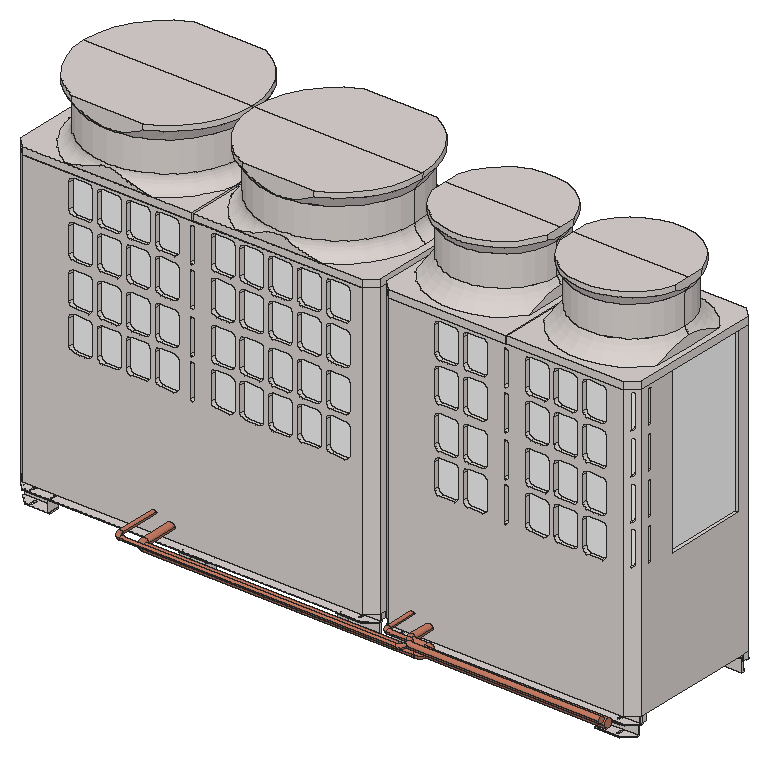
Revit family "PURY-EP950YSNW-A1", category 機械設備, Revit 2016
Family settings
  パーツ タイプ = 標準
  丸型コネクタ寸法 = 半径を使用
  OmniClass 番号 = 23.75.00.00
  OmniClass タイトル = Climate Control (HVAC)
  作業面に基づく = いいえ
  常に垂直 = はい
  ロード時にボイドで切り取り = いいえ
  共有 = いいえ
  部屋の計算ポイント = いいえ
Parameters (values of type "PURY-EP950YSNW-A1_415V_60Hz")
  WarrantyStart = ""
  Temp. range of cooling (Outdoor temp.) (D.B.) = "-5.0 to 52.0"
  Temp. range of cooling (Indoor temp.) (W.B.) = "15.0 to 24.0"
  TagNumber = 0
  SerialNumber = 0
  ReplacementYear = ""
  Outdoor unit 2 Breaker size (A) = 60
  Outdoor unit 1 Breaker size (A) = 60
  Note_1 = "Refrigerant pipe diameters may change depending on the installation condition. Please refer to the installation manual."
  モデル = "PURY-EP950YSNW-A1"
  Width = 3020.000 mm
  Voltage = 415 V
  Unit Weight (kg) = 647
  URL = "http://www.mitsubishielectric.com/"
  Temp. range of heating (Outdoor temp.) (W.B.) = "-20.0 to 15.5"
  Temp. range of heating (Indoor temp.) (D.B.) = "15.0 to 27.0"
  Subcategory = "HVAC"
  Space View = yes
  Sound Pressure Level (dB(A)) Heating mode = 71.5
  Sound Pressure Level (dB(A)) Cooling mode = 68
  Refrigerant type = "R410A"
  Refrigerant Charge (kg) = 21.6
  Protection Devices_Inverter circuit (COMP./FAN) = "Over-current protection"
  Protection Devices_High pressure (MPa) = "High pressure sensor, High pressure switch at 4.15"
  Phase = 3
  製造元 = "Mitsubishi Electric Corporation"
  Outdoor unit 2 = PURY-EP450YNW-A1 : PURY-EP450YNW-A1
  Outdoor unit 1 = PURY-EP500YNW-A1 : PURY-EP500YNW-A1
  Maximum Circuit Ampacity (A) = 74.9
  Low pressure pipe_radius = 20.640 mm
  InstallationDate = "0"
  Indoor Unit Total Capacity = "50 to 150% of outdoor unit capacity"
  Indoor Unit Model/Quantity = "P10 to P250/2 to 50"
  High pressure pipe_radius = 14.290 mm
  Hertz = 60 Hz
  Height = 1858.000 mm
  Heating SCOP (kW/kW) = 3.97
  Heating Rated Load Ampacity (A) = 51
  Heating Power Input (kW) = 33.01
  Heating Power Input (Nominal) (kW) = 27.83
  Heating Current Input (Nominal) (A) = 43
  Heating Current Input (A) = 51
  Heating Capacity (kW) = 119.5
  Heating Capacity (Nominal) (kW) = 108
  Heating COP (kW/kW) = 3.62
  Heating COP (Nominal) (kW/kW) = 3.88
  Fan_Type = "Propeller Fan"
  Fan_Quantity = 4
  Fan Motor Output (kW) = 2.76
  External static pressure (Pa) = 0
  External Finish = "Pre-coated galvanized steel sheets (+powder coating for -BS type) <MUNSELL 5Y 8/1 or similar>"
  Equip_description = "0"
  Equip_No. = 0
  Equip_ID = "0"
  Description = "0"
  Depth = 740.000 mm
  CreatedOn = "0"
  CreatedBy = "0"
  Cooling SEER (kW/kW) = 6.46
  Cooling Rated Load Ampacity (A) = 51.3
  Cooling Power Input (kW) = 33.23
  Cooling EER (kW/kW) = 3.25
  Cooling Current Input (A) = 51.3
  Cooling Capacity (kW) = 108
  Compressor_Type = "Inverter scroll hermetic compressor"
  Compressor_Quantity = 2
  Compressor_Lubricant = "MEL32"
  Compressor Motor Output (kW) = 25.5
  Category = "0"
  Barcode = "0"
  AssetIdentifier = "0"
  Airflow Rate (m3/min) = 610
  Airflow Rate (m3/h) = 36600
Reference planes
  plane 1 "Center (Front/Back)": y = 0
  plane 2: z = 0
  plane 3 "Center (Left/Right)": x = -255
  plane 4: y = 370
  plane 5 "front": y = -370
  plane 6: x = -1765
  plane 7: x = 1255
  plane 8: x = 15
  plane 9: x = -15
  plane 10: z = 1858
  plane 11: x = -997
  plane 12: x = -1080
  plane 13: x = 258
  plane 14: x = 175
Forms (mm)
  Sweep 1, solid, material "Copper"
    path origin (1017.215, -4.248, 187) x (0, -1, 0) y (1, 0, 0)
      loop
        line (360, -2097.215) -> (570, -2097.215)
        arc (570, -2097.215) -> (591.213, -2088.428) -> (600, -2067.215) r 30
        line (600, -2067.215) -> (600, -726.221)
        arc (600, -726.221) -> (594.142, -712.079) -> (580, -706.221) r 20
        line (580, -706.221) -> (552.385, -706.221)
        arc (552.385, -706.221) -> (538.243, -712.079) -> (532.385, -726.221) r 20
        line (532.385, -726.221) -> (532.385, -822.215)
        arc (532.385, -822.215) -> (526.527, -836.357) -> (512.385, -842.215) r 20
        line (512.385, -842.215) -> (357.385, -842.215)
    profile origin (-1080, -469.248, 187) x (1, 0, 0) y (0, 0, 1)
      loop
        circle (0, 0) r 9.525
  Sweep 2, solid, material "Copper"
    path origin (1039.386, -4.248, 155) x (0, -1, 0) y (1, 0, 0)
      loop
        line (360, -2036.386) -> (525, -2036.386)
        arc (525, -2036.386) -> (546.213, -2027.6) -> (555, -2006.386) r 30
        line (555, -2006.386) -> (555, -775.386) -> (555, -690.386)
        arc (555, -690.386) -> (549.142, -676.244) -> (535, -670.386) r 20
        line (535, -670.386) -> (510, -670.386)
        arc (510, -670.386) -> (495.858, -676.244) -> (490, -690.386) r 20
        line (490, -690.386) -> (490, -761.386)
        arc (490, -761.386) -> (484.142, -775.529) -> (470, -781.386) r 20
        line (470, -781.386) -> (360, -781.386)
    profile origin (-997, -446.748, 155) x (1, 0, 0) y (0, 0, 1)
      loop
        circle (0, 0) r 17.465
  Sweep 3, solid, material "Copper"
    path origin (934.386, -4.248, 187) x (0, -1, 0) y (1, 0, 0)
      loop
        line (565.96, -620) -> (565.96, 320.614)
    profile origin (784.693, -570.208, 187) x (0, 1, 0) y (0, 0, 1)
      loop
        circle (0, 0) r 14.29
  Sweep 4, solid, material "Copper"
    path origin (934.386, -4.248, 155.027) x (-1, 0, 0) y (0, -1, 0)
      loop
        line (555, 523.84) -> (-320, 523.84)
    profile origin (816.886, -528.088, 155.027) x (0, 1, 0) y (0, 0, 1)
      loop
        circle (0, 0) r 20.64
Dimensions and locks
  nested 1 to nested 1 = 1240.000 mm
  plane 6 to plane 3 "Center (Left/Right)" to plane 7 = 1510.000 mm, 1510.000 mm
  plane 6 to plane 9 to plane 8 = 1750.000 mm, 30.000 mm
  "High pressure pipe_radius": radius of Sweep 3 sketch curve
  "Low pressure pipe_radius": radius of Sweep 4 sketch curve
  aligned and locked: level to plane 2
Automatic sketch dimensions
  Sweep 1 sketch curve to plane 5 "front" = 8.366 mm
  Sweep 1 sketch curve to plane 5 "front" = 5.752 mm
  plane 5 "front" to Sweep 1 sketch curve = 146.634 mm
  Sweep 1 sketch curve to Sweep 1 sketch curve = 20.000 mm  (x2)
  plane 5 "front" to Sweep 1 sketch curve = 204.248 mm
  Sweep 1 sketch curve to Sweep 1 sketch curve = 27.615 mm
  Sweep 1 sketch curve to Sweep 1 sketch curve = 30.000 mm
  plane 6 to Sweep 1 sketch curve = 685.000 mm
  plane 3 "Center (Left/Right)" to Sweep 1 sketch curve = 430.000 mm
  Sweep 1 sketch curve to Sweep 1 sketch curve = 95.994 mm
  profile plane to Sweep 1 sketch curve = 0.000 mm
  Sweep 1 sketch curve to profile plane = 0.000 mm
  Sweep 2 sketch curve to plane 5 "front" = 5.752 mm  (x2)
  plane 5 "front" to Sweep 2 sketch curve = 104.248 mm
  Sweep 2 sketch curve to Sweep 2 sketch curve = 20.000 mm  (x3)
  plane 5 "front" to Sweep 2 sketch curve = 159.248 mm
  Sweep 2 sketch curve to Sweep 2 sketch curve = 25.000 mm
  plane 6 to Sweep 2 sketch curve = 768.000 mm
  plane 3 "Center (Left/Right)" to Sweep 2 sketch curve = 519.000 mm
  Sweep 2 sketch curve to Sweep 2 sketch curve = 6.000 mm
  Sweep 2 sketch curve to Sweep 2 sketch curve = 71.000 mm
  profile plane to Sweep 2 sketch curve = 0.000 mm
  Sweep 2 sketch curve to profile plane = 0.000 mm
  Sweep 3 sketch curve to plane 7 = 0.000 mm
  plane 5 "front" to Sweep 3 sketch curve = 200.208 mm
  plane 8 to Sweep 3 sketch curve = 299.386 mm
  Sweep 4 sketch curve to plane 7 = 0.614 mm
  plane 13 to Sweep 4 sketch curve = 121.386 mm
  plane 5 "front" to Sweep 4 sketch curve = 158.088 mm
  Sweep 3 sketch curve to profile plane = 0.000 mm  (x2)
  Sweep 4 sketch curve to profile plane = 0.000 mm  (x2)
  radius of Sweep 1 sketch curve = 9.525 mm
  radius of Sweep 2 sketch curve = 17.465 mm
Nested families
  nested 1: "PURY-EP450YNW-A1" at (635, 0, 0), type <- "Outdoor unit 2", type "PURY-EP450YNW-A1"
  nested 2: "PURY-EP500YNW-A1" at (-890, 0, 0), type <- "Outdoor unit 1", type "PURY-EP500YNW-A1"
Connectors
  piping at (1254.386, -528.088, 155.027), diameter 41.28, driven by "Low pressure pipe_radius"
    settings: on Sweep 4, index 1, connector inside diameter 41.28 mm, connector length 0.000 mm, flow factor 0, pipe flow 0.0 L/s, pressure drop 0.0 Pa, fitting loss kfactor 0, connector angle 0.00°, fixture units 0, engagement length 0.000 mm, angle of deflection 0.00°, flow configuration 0, flow direction 0, fitting loss method 0, system type 22, joint type 0, gender type 0, connector reference index -1, connector utility 0, adjustable connector no, is connector primary yes, connector description "BC controller-Twinning pipe(Low pressure)"
  piping at (1255, -570.208, 187), diameter 28.58, driven by "High pressure pipe_radius"
    settings: on Sweep 3, index 2, connector inside diameter 28.58 mm, connector length 0.000 mm, flow factor 0, pipe flow 0.0 L/s, pressure drop 0.0 Pa, fitting loss kfactor 0, connector angle 0.00°, fixture units 0, engagement length 0.000 mm, angle of deflection 0.00°, flow configuration 0, flow direction 0, fitting loss method 0, system type 22, joint type 0, gender type 0, connector reference index -1, connector utility 0, adjustable connector no, is connector primary no, connector description "BC controller-Twinning pipe(High pressure)"
  electrical at (319, -370, 280), driven by "Phase", driven by "Voltage"
    settings: index 4, voltage 415 V, apparent load 0 VA, apparent load phase1 0 VA, apparent load phase2 0 VA, apparent load phase3 0 VA, power factor 1, load classification "その他", number of poles 3, system type 30, power factor state 1, is connector primary yes, connector utility no, sub classification motor no, connector description ""
  electrical at (-633, -370, 280), driven by "Phase", driven by "Voltage"
    settings: index 5, voltage 415 V, apparent load 0 VA, apparent load phase1 0 VA, apparent load phase2 0 VA, apparent load phase3 0 VA, power factor 1, load classification "その他", number of poles 3, system type 30, power factor state 1, is connector primary no, connector utility no, sub classification motor no, connector description ""
Definition of nested family "PURY-EP450YNW-A1"
  Parameters
    Model = "PURY-P450YNW-A"
    URL = "http://www.mitsubishielectric.com/"
    Manufacturer = "Mitsubishi Electric Corporation"
    Liquid pipe_radius = 12.700 mm
    Gas pipe_radius = 14.290 mm
  Reference planes
    plane 1 "Center (Front/Back)": y = 0
    plane 2: z = 0
    plane 3 "Center (Left/Right)": x = 0
    plane 4: y = 370
    plane 5: z = 1858
    plane 6: y = -260
    plane 7: y = -204
    plane 8: y = -185
    plane 9: x = -620
    plane 10: x = 620
    plane 11: x = -620
    plane 12: z = 716
    plane 13: x = -524
    plane 14: z = 669
    plane 15: x = -50.5
    plane 16: x = 51
    plane 17: x = 489
    plane 18: x = 467
    plane 19 "132": x = 488
    plane 20 "100": z = 160
    plane 21: z = 185
    plane 22: x = 413
    plane 23: x = 364
    plane 24: z = 150
    plane 25: x = -287.25
    plane 26: x = -137.25
    plane 27: x = -272.25
    plane 28: y = -278
    plane 29: z = 1509
    plane 30: y = -370
    plane 31: x = -530
    plane 32: x = 530
    plane 33 "179": y = -191
  Forms (mm)
    Extrusion 1, solid
      sketch origin (-1, 0, 113) x (-1, 0, 0) y (0, -1, 0)
        loop
          line (569, -370) -> (619, -320) -> (619, 320) -> (569, 370) -> (-571, 370) -> (-621, 320) -> (-621, -320) -> (-571, -370) -> (569, -370)
      from -18 to 1408
    Extrusion 2, void
      sketch origin (524, -370, 113) x (1, 0, 0) y (0, 0, -1)
        loop
          arc (-60.8, -1393.5) -> (-42.557, -1385.943) -> (-35, -1367.7) r 25.8
          line (-35, -1367.7) -> (-35, -1248.5)
          arc (-35, -1248.5) -> (-42.557, -1230.257) -> (-60.8, -1222.7) r 25.8
          line (-60.8, -1222.7) -> (-126, -1222.7)
          arc (-126, -1222.7) -> (-144.243, -1230.257) -> (-151.8, -1248.5) r 25.8
          line (-151.8, -1248.5) -> (-151.8, -1367.7)
          arc (-151.8, -1367.7) -> (-144.243, -1385.943) -> (-126, -1393.5) r 25.8
          line (-126, -1393.5) -> (-60.8, -1393.5)
      from 0 to 20
    Extrusion 3, void
      sketch origin (524, -370, -81) x (1, 0, 0) y (0, 0, -1)
        loop
          arc (-60.8, -1393.5) -> (-42.557, -1385.943) -> (-35, -1367.7) r 25.8
          line (-35, -1367.7) -> (-35, -1248.5)
          arc (-35, -1248.5) -> (-42.557, -1230.257) -> (-60.8, -1222.7) r 25.8
          line (-60.8, -1222.7) -> (-126, -1222.7)
          arc (-126, -1222.7) -> (-144.243, -1230.257) -> (-151.8, -1248.5) r 25.8
          line (-151.8, -1248.5) -> (-151.8, -1367.7)
          arc (-151.8, -1367.7) -> (-144.243, -1385.943) -> (-126, -1393.5) r 25.8
          line (-126, -1393.5) -> (-60.8, -1393.5)
      from 0 to 20
    Extrusion 4, void
      sketch origin (524, -370, -287) x (1, 0, 0) y (0, 0, -1)
        loop
          arc (-60.8, -1393.5) -> (-42.557, -1385.943) -> (-35, -1367.7) r 25.8
          line (-35, -1367.7) -> (-35, -1248.5)
          arc (-35, -1248.5) -> (-42.557, -1230.257) -> (-60.8, -1222.7) r 25.8
          line (-60.8, -1222.7) -> (-126, -1222.7)
          arc (-126, -1222.7) -> (-144.243, -1230.257) -> (-151.8, -1248.5) r 25.8
          line (-151.8, -1248.5) -> (-151.8, -1367.7)
          arc (-151.8, -1367.7) -> (-144.243, -1385.943) -> (-126, -1393.5) r 25.8
          line (-126, -1393.5) -> (-60.8, -1393.5)
      from 0 to 20
    Extrusion 5, void
      sketch origin (524, -370, -481) x (1, 0, 0) y (0, 0, -1)
        loop
          arc (-60.8, -1393.5) -> (-42.557, -1385.943) -> (-35, -1367.7) r 25.8
          line (-35, -1367.7) -> (-35, -1248.5)
          arc (-35, -1248.5) -> (-42.557, -1230.257) -> (-60.8, -1222.7) r 25.8
          line (-60.8, -1222.7) -> (-126, -1222.7)
          arc (-126, -1222.7) -> (-144.243, -1230.257) -> (-151.8, -1248.5) r 25.8
          line (-151.8, -1248.5) -> (-151.8, -1367.7)
          arc (-151.8, -1367.7) -> (-144.243, -1385.943) -> (-126, -1393.5) r 25.8
          line (-126, -1393.5) -> (-60.8, -1393.5)
      from 0 to 20
    Extrusion 6, void
      sketch origin (384, -370, 113) x (1, 0, 0) y (0, 0, -1)
        loop
          arc (-60.8, -1393.5) -> (-42.557, -1385.943) -> (-35, -1367.7) r 25.8
          line (-35, -1367.7) -> (-35, -1248.5)
          arc (-35, -1248.5) -> (-42.557, -1230.257) -> (-60.8, -1222.7) r 25.8
          line (-60.8, -1222.7) -> (-126, -1222.7)
          arc (-126, -1222.7) -> (-144.243, -1230.257) -> (-151.8, -1248.5) r 25.8
          line (-151.8, -1248.5) -> (-151.8, -1367.7)
          arc (-151.8, -1367.7) -> (-144.243, -1385.943) -> (-126, -1393.5) r 25.8
          line (-126, -1393.5) -> (-60.8, -1393.5)
      from 0 to 20
    Extrusion 7, void
      sketch origin (384, -370, -81) x (1, 0, 0) y (0, 0, -1)
        loop
          arc (-60.8, -1393.5) -> (-42.557, -1385.943) -> (-35, -1367.7) r 25.8
          line (-35, -1367.7) -> (-35, -1248.5)
          arc (-35, -1248.5) -> (-42.557, -1230.257) -> (-60.8, -1222.7) r 25.8
          line (-60.8, -1222.7) -> (-126, -1222.7)
          arc (-126, -1222.7) -> (-144.243, -1230.257) -> (-151.8, -1248.5) r 25.8
          line (-151.8, -1248.5) -> (-151.8, -1367.7)
          arc (-151.8, -1367.7) -> (-144.243, -1385.943) -> (-126, -1393.5) r 25.8
          line (-126, -1393.5) -> (-60.8, -1393.5)
      from 0 to 20
    Extrusion 8, void
      sketch origin (384, -370, -287) x (1, 0, 0) y (0, 0, -1)
        loop
          arc (-60.8, -1393.5) -> (-42.557, -1385.943) -> (-35, -1367.7) r 25.8
          line (-35, -1367.7) -> (-35, -1248.5)
          arc (-35, -1248.5) -> (-42.557, -1230.257) -> (-60.8, -1222.7) r 25.8
          line (-60.8, -1222.7) -> (-126, -1222.7)
          arc (-126, -1222.7) -> (-144.243, -1230.257) -> (-151.8, -1248.5) r 25.8
          line (-151.8, -1248.5) -> (-151.8, -1367.7)
          arc (-151.8, -1367.7) -> (-144.243, -1385.943) -> (-126, -1393.5) r 25.8
          line (-126, -1393.5) -> (-60.8, -1393.5)
      from 0 to 20
    Extrusion 9, void
      sketch origin (384, -370, -481) x (1, 0, 0) y (0, 0, -1)
        loop
          arc (-60.8, -1393.5) -> (-42.557, -1385.943) -> (-35, -1367.7) r 25.8
          line (-35, -1367.7) -> (-35, -1248.5)
          arc (-35, -1248.5) -> (-42.557, -1230.257) -> (-60.8, -1222.7) r 25.8
          line (-60.8, -1222.7) -> (-126, -1222.7)
          arc (-126, -1222.7) -> (-144.243, -1230.257) -> (-151.8, -1248.5) r 25.8
          line (-151.8, -1248.5) -> (-151.8, -1367.7)
          arc (-151.8, -1367.7) -> (-144.243, -1385.943) -> (-126, -1393.5) r 25.8
          line (-126, -1393.5) -> (-60.8, -1393.5)
      from 0 to 20
    Extrusion 10, void
      sketch origin (244, -370, 113) x (1, 0, 0) y (0, 0, -1)
        loop
          arc (-60.8, -1393.5) -> (-42.557, -1385.943) -> (-35, -1367.7) r 25.8
          line (-35, -1367.7) -> (-35, -1248.5)
          arc (-35, -1248.5) -> (-42.557, -1230.257) -> (-60.8, -1222.7) r 25.8
          line (-60.8, -1222.7) -> (-126, -1222.7)
          arc (-126, -1222.7) -> (-144.243, -1230.257) -> (-151.8, -1248.5) r 25.8
          line (-151.8, -1248.5) -> (-151.8, -1367.7)
          arc (-151.8, -1367.7) -> (-144.243, -1385.943) -> (-126, -1393.5) r 25.8
          line (-126, -1393.5) -> (-60.8, -1393.5)
      from 0 to 20
    Extrusion 11, void
      sketch origin (244, -370, -81) x (1, 0, 0) y (0, 0, -1)
        loop
          arc (-60.8, -1393.5) -> (-42.557, -1385.943) -> (-35, -1367.7) r 25.8
          line (-35, -1367.7) -> (-35, -1248.5)
          arc (-35, -1248.5) -> (-42.557, -1230.257) -> (-60.8, -1222.7) r 25.8
          line (-60.8, -1222.7) -> (-126, -1222.7)
          arc (-126, -1222.7) -> (-144.243, -1230.257) -> (-151.8, -1248.5) r 25.8
          line (-151.8, -1248.5) -> (-151.8, -1367.7)
          arc (-151.8, -1367.7) -> (-144.243, -1385.943) -> (-126, -1393.5) r 25.8
          line (-126, -1393.5) -> (-60.8, -1393.5)
      from 0 to 20
    Extrusion 12, void
      sketch origin (244, -370, -287) x (1, 0, 0) y (0, 0, -1)
        loop
          arc (-60.8, -1393.5) -> (-42.557, -1385.943) -> (-35, -1367.7) r 25.8
          line (-35, -1367.7) -> (-35, -1248.5)
          arc (-35, -1248.5) -> (-42.557, -1230.257) -> (-60.8, -1222.7) r 25.8
          line (-60.8, -1222.7) -> (-126, -1222.7)
          arc (-126, -1222.7) -> (-144.243, -1230.257) -> (-151.8, -1248.5) r 25.8
          line (-151.8, -1248.5) -> (-151.8, -1367.7)
          arc (-151.8, -1367.7) -> (-144.243, -1385.943) -> (-126, -1393.5) r 25.8
          line (-126, -1393.5) -> (-60.8, -1393.5)
      from 0 to 20
    Extrusion 13, void
      sketch origin (244, -370, -481) x (1, 0, 0) y (0, 0, -1)
        loop
          arc (-60.8, -1393.5) -> (-42.557, -1385.943) -> (-35, -1367.7) r 25.8
          line (-35, -1367.7) -> (-35, -1248.5)
          arc (-35, -1248.5) -> (-42.557, -1230.257) -> (-60.8, -1222.7) r 25.8
          line (-60.8, -1222.7) -> (-126, -1222.7)
          arc (-126, -1222.7) -> (-144.243, -1230.257) -> (-151.8, -1248.5) r 25.8
          line (-151.8, -1248.5) -> (-151.8, -1367.7)
          arc (-151.8, -1367.7) -> (-144.243, -1385.943) -> (-126, -1393.5) r 25.8
          line (-126, -1393.5) -> (-60.8, -1393.5)
      from 0 to 20
    Extrusion 14, void
      sketch origin (-56, -370, 113) x (1, 0, 0) y (0, 0, -1)
        loop
          arc (-60.8, -1393.5) -> (-42.557, -1385.943) -> (-35, -1367.7) r 25.8
          line (-35, -1367.7) -> (-35, -1248.5)
          arc (-35, -1248.5) -> (-42.557, -1230.257) -> (-60.8, -1222.7) r 25.8
          line (-60.8, -1222.7) -> (-126, -1222.7)
          arc (-126, -1222.7) -> (-144.243, -1230.257) -> (-151.8, -1248.5) r 25.8
          line (-151.8, -1248.5) -> (-151.8, -1367.7)
          arc (-151.8, -1367.7) -> (-144.243, -1385.943) -> (-126, -1393.5) r 25.8
          line (-126, -1393.5) -> (-60.8, -1393.5)
      from 0 to 20
    Extrusion 15, void
      sketch origin (-56, -370, -81) x (1, 0, 0) y (0, 0, -1)
        loop
          arc (-60.8, -1393.5) -> (-42.557, -1385.943) -> (-35, -1367.7) r 25.8
          line (-35, -1367.7) -> (-35, -1248.5)
          arc (-35, -1248.5) -> (-42.557, -1230.257) -> (-60.8, -1222.7) r 25.8
          line (-60.8, -1222.7) -> (-126, -1222.7)
          arc (-126, -1222.7) -> (-144.243, -1230.257) -> (-151.8, -1248.5) r 25.8
          line (-151.8, -1248.5) -> (-151.8, -1367.7)
          arc (-151.8, -1367.7) -> (-144.243, -1385.943) -> (-126, -1393.5) r 25.8
          line (-126, -1393.5) -> (-60.8, -1393.5)
      from 0 to 20
    Extrusion 16, void
      sketch origin (-56, -370, -287) x (1, 0, 0) y (0, 0, -1)
        loop
          arc (-60.8, -1393.5) -> (-42.557, -1385.943) -> (-35, -1367.7) r 25.8
          line (-35, -1367.7) -> (-35, -1248.5)
          arc (-35, -1248.5) -> (-42.557, -1230.257) -> (-60.8, -1222.7) r 25.8
          line (-60.8, -1222.7) -> (-126, -1222.7)
          arc (-126, -1222.7) -> (-144.243, -1230.257) -> (-151.8, -1248.5) r 25.8
          line (-151.8, -1248.5) -> (-151.8, -1367.7)
          arc (-151.8, -1367.7) -> (-144.243, -1385.943) -> (-126, -1393.5) r 25.8
          line (-126, -1393.5) -> (-60.8, -1393.5)
      from 0 to 20
    Extrusion 17, void
      sketch origin (-56, -370, -481) x (1, 0, 0) y (0, 0, -1)
        loop
          arc (-60.8, -1393.5) -> (-42.557, -1385.943) -> (-35, -1367.7) r 25.8
          line (-35, -1367.7) -> (-35, -1248.5)
          arc (-35, -1248.5) -> (-42.557, -1230.257) -> (-60.8, -1222.7) r 25.8
          line (-60.8, -1222.7) -> (-126, -1222.7)
          arc (-126, -1222.7) -> (-144.243, -1230.257) -> (-151.8, -1248.5) r 25.8
          line (-151.8, -1248.5) -> (-151.8, -1367.7)
          arc (-151.8, -1367.7) -> (-144.243, -1385.943) -> (-126, -1393.5) r 25.8
          line (-126, -1393.5) -> (-60.8, -1393.5)
      from 0 to 20
    Extrusion 18, void
      sketch origin (-196, -370, 113) x (1, 0, 0) y (0, 0, -1)
        loop
          arc (-60.8, -1393.5) -> (-42.557, -1385.943) -> (-35, -1367.7) r 25.8
          line (-35, -1367.7) -> (-35, -1248.5)
          arc (-35, -1248.5) -> (-42.557, -1230.257) -> (-60.8, -1222.7) r 25.8
          line (-60.8, -1222.7) -> (-126, -1222.7)
          arc (-126, -1222.7) -> (-144.243, -1230.257) -> (-151.8, -1248.5) r 25.8
          line (-151.8, -1248.5) -> (-151.8, -1367.7)
          arc (-151.8, -1367.7) -> (-144.243, -1385.943) -> (-126, -1393.5) r 25.8
          line (-126, -1393.5) -> (-60.8, -1393.5)
      from 0 to 20
    Extrusion 19, void
      sketch origin (-196, -370, -81) x (1, 0, 0) y (0, 0, -1)
        loop
          arc (-60.8, -1393.5) -> (-42.557, -1385.943) -> (-35, -1367.7) r 25.8
          line (-35, -1367.7) -> (-35, -1248.5)
          arc (-35, -1248.5) -> (-42.557, -1230.257) -> (-60.8, -1222.7) r 25.8
          line (-60.8, -1222.7) -> (-126, -1222.7)
          arc (-126, -1222.7) -> (-144.243, -1230.257) -> (-151.8, -1248.5) r 25.8
          line (-151.8, -1248.5) -> (-151.8, -1367.7)
          arc (-151.8, -1367.7) -> (-144.243, -1385.943) -> (-126, -1393.5) r 25.8
          line (-126, -1393.5) -> (-60.8, -1393.5)
      from 0 to 20
    Extrusion 20, void
      sketch origin (-196, -370, -287) x (1, 0, 0) y (0, 0, -1)
        loop
          arc (-60.8, -1393.5) -> (-42.557, -1385.943) -> (-35, -1367.7) r 25.8
          line (-35, -1367.7) -> (-35, -1248.5)
          arc (-35, -1248.5) -> (-42.557, -1230.257) -> (-60.8, -1222.7) r 25.8
          line (-60.8, -1222.7) -> (-126, -1222.7)
          arc (-126, -1222.7) -> (-144.243, -1230.257) -> (-151.8, -1248.5) r 25.8
          line (-151.8, -1248.5) -> (-151.8, -1367.7)
          arc (-151.8, -1367.7) -> (-144.243, -1385.943) -> (-126, -1393.5) r 25.8
          line (-126, -1393.5) -> (-60.8, -1393.5)
      from 0 to 20
    Extrusion 21, void
      sketch origin (-196, -370, -481) x (1, 0, 0) y (0, 0, -1)
        loop
          arc (-60.8, -1393.5) -> (-42.557, -1385.943) -> (-35, -1367.7) r 25.8
          line (-35, -1367.7) -> (-35, -1248.5)
          arc (-35, -1248.5) -> (-42.557, -1230.257) -> (-60.8, -1222.7) r 25.8
          line (-60.8, -1222.7) -> (-126, -1222.7)
          arc (-126, -1222.7) -> (-144.243, -1230.257) -> (-151.8, -1248.5) r 25.8
          line (-151.8, -1248.5) -> (-151.8, -1367.7)
          arc (-151.8, -1367.7) -> (-144.243, -1385.943) -> (-126, -1393.5) r 25.8
          line (-126, -1393.5) -> (-60.8, -1393.5)
      from 0 to 20
    Extrusion 22, void
      sketch origin (620, 320, 113) x (0, 1, 0) y (0, 0, -1)
        loop
          line (-462.3, -1408) -> (-50.8, -1408) -> (-50.8, -612) -> (-462.3, -612) -> (-462.3, -1408)
      from 0 to 20
    Extrusion 23, void
      sketch origin (-620, -320, 113) x (0, -1, 0) y (0, 0, -1)
        loop
          line (-535.7, -1408) -> (-207.7, -1408) -> (-207.7, -592) -> (-535.7, -592) -> (-535.7, -1408)
      from 0 to 20
    Extrusion 24, void
      sketch origin (194.892, 370, 113) x (-1, 0, 0) y (0, 0, -1)
        loop
          arc (204.892, -1225.013) -> (194.892, -1215.013) -> (184.892, -1225.013) r 10
          line (184.892, -1225.013) -> (184.892, -1379.987)
          arc (184.892, -1379.987) -> (194.892, -1389.987) -> (204.892, -1379.987) r 10
          line (204.892, -1379.987) -> (204.892, -1225.013)
        loop
          arc (204.892, -1031.013) -> (194.892, -1021.013) -> (184.892, -1031.013) r 10
          line (184.892, -1031.013) -> (184.892, -1185.987)
          arc (184.892, -1185.987) -> (194.892, -1195.987) -> (204.892, -1185.987) r 10
          line (204.892, -1185.987) -> (204.892, -1031.013)
        loop
          arc (204.892, -825.013) -> (194.892, -815.013) -> (184.892, -825.013) r 10
          line (184.892, -825.013) -> (184.892, -979.987)
          arc (184.892, -979.987) -> (194.892, -989.987) -> (204.892, -979.987) r 10
          line (204.892, -979.987) -> (204.892, -825.013)
        loop
          arc (204.892, -631.013) -> (194.892, -621.013) -> (184.892, -631.013) r 10
          line (184.892, -631.013) -> (184.892, -785.987)
          arc (184.892, -785.987) -> (194.892, -795.987) -> (204.892, -785.987) r 10
          line (204.892, -785.987) -> (204.892, -631.013)
      from 0 to 20
    Extrusion 25, void
      sketch origin (-570, 370, 113) x (0.707107, 0.707107, 0) y (0, 0, 1)
        loop
          arc (-45.355, 1236) -> (-35.355, 1226) -> (-25.355, 1236) r 10
          line (-25.355, 1236) -> (-25.355, 1386)
          arc (-25.355, 1386) -> (-35.355, 1396) -> (-45.355, 1386) r 10
          line (-45.355, 1386) -> (-45.355, 1236)
        loop
          arc (-45.355, 1036) -> (-35.355, 1026) -> (-25.355, 1036) r 10
          line (-25.355, 1036) -> (-25.355, 1186)
          arc (-25.355, 1186) -> (-35.355, 1196) -> (-45.355, 1186) r 10
          line (-45.355, 1186) -> (-45.355, 1036)
        loop
          arc (-45.355, 836) -> (-35.355, 826) -> (-25.355, 836) r 10
          line (-25.355, 836) -> (-25.355, 986)
          arc (-25.355, 986) -> (-35.355, 996) -> (-45.355, 986) r 10
          line (-45.355, 986) -> (-45.355, 836)
        loop
          arc (-45.355, 641) -> (-35.355, 631) -> (-25.355, 641) r 10
          line (-25.355, 641) -> (-25.355, 791)
          arc (-25.355, 791) -> (-35.355, 801) -> (-45.355, 791) r 10
          line (-45.355, 791) -> (-45.355, 641)
      from 0 to 20
    Extrusion 26, void
      sketch origin (-620, -320, 113) x (0, -1, 0) y (0, 0, -1)
        loop
          line (-607.846, -1035.895) -> (-607.846, -1186.105)
          arc (-607.846, -1186.105) -> (-597.846, -1196.105) -> (-587.846, -1186.105) r 10
          line (-587.846, -1186.105) -> (-587.846, -1035.895)
          arc (-587.846, -1035.895) -> (-597.846, -1025.895) -> (-607.846, -1035.895) r 10
        loop
          line (-607.846, -835.895) -> (-607.846, -986.105)
          arc (-607.846, -986.105) -> (-597.846, -996.105) -> (-587.846, -986.105) r 10
          line (-587.846, -986.105) -> (-587.846, -835.895)
          arc (-587.846, -835.895) -> (-597.846, -825.895) -> (-607.846, -835.895) r 10
        loop
          line (-607.846, -1235.895) -> (-607.846, -1386.105)
          arc (-607.846, -1386.105) -> (-597.846, -1396.105) -> (-587.846, -1386.105) r 10
          line (-587.846, -1386.105) -> (-587.846, -1235.895)
          arc (-587.846, -1235.895) -> (-597.846, -1225.895) -> (-607.846, -1235.895) r 10
        loop
          line (-607.846, -635.895) -> (-607.846, -786.105)
          arc (-607.846, -786.105) -> (-597.846, -796.105) -> (-587.846, -786.105) r 10
          line (-587.846, -786.105) -> (-587.846, -635.895)
          arc (-587.846, -635.895) -> (-597.846, -625.895) -> (-607.846, -635.895) r 10
      from 0 to 20
    Extrusion 27, void
      sketch origin (1079, -370, 113) x (1, 0, 0) y (0, 0, -1)
        loop
          arc (-1089, -1379.975) -> (-1079, -1389.975) -> (-1069, -1379.975) r 10
          line (-1069, -1379.975) -> (-1069, -1225)
          arc (-1069, -1225) -> (-1079, -1215) -> (-1089, -1225) r 10
          line (-1089, -1225) -> (-1089, -1379.975)
        loop
          arc (-1089, -1185.975) -> (-1079, -1195.975) -> (-1069, -1185.975) r 10
          line (-1069, -1185.975) -> (-1069, -1031)
          arc (-1069, -1031) -> (-1079, -1021) -> (-1089, -1031) r 10
          line (-1089, -1031) -> (-1089, -1185.975)
        loop
          arc (-1089, -979.975) -> (-1079, -989.975) -> (-1069, -979.975) r 10
          line (-1069, -979.975) -> (-1069, -825)
          arc (-1069, -825) -> (-1079, -815) -> (-1089, -825) r 10
          line (-1089, -825) -> (-1089, -979.975)
        loop
          arc (-1089, -785.975) -> (-1079, -795.975) -> (-1069, -785.975) r 10
          line (-1069, -785.975) -> (-1069, -631)
          arc (-1069, -631) -> (-1079, -621) -> (-1089, -631) r 10
          line (-1089, -631) -> (-1089, -785.975)
      from 0 to 20
    Extrusion 28, void
      sketch origin (-571, 370, 113) x (-1, 0, 0) y (0, 0, -1)
        loop
          line (-519.5, -1408) -> (-48, -1408) -> (-48, -556) -> (-519.5, -556) -> (-519.5, -1408)
      from 0 to 20
    Extrusion 29, void
      sketch origin (-571, 370, 113) x (-1, 0, 0) y (0, 0, -1)
        loop
          line (-1038, -1408) -> (-622, -1408) -> (-622, -556) -> (-1038, -556) -> (-1038, -1408)
      from 0 to 20
    Extrusion 30, void
      sketch origin (620, 320, 113) x (0, 1, 0) y (0, 0, -1)
        loop
          arc (-588, -1035.791) -> (-598, -1025.791) -> (-608, -1035.791) r 10
          line (-608, -1035.791) -> (-608, -1186)
          arc (-608, -1186) -> (-598, -1196) -> (-588, -1186) r 10
          line (-588, -1186) -> (-588, -1035.791)
        loop
          arc (-588, -835.791) -> (-598, -825.791) -> (-608, -835.791) r 10
          line (-608, -835.791) -> (-608, -986)
          arc (-608, -986) -> (-598, -996) -> (-588, -986) r 10
          line (-588, -986) -> (-588, -835.791)
        loop
          arc (-588, -1235.791) -> (-598, -1225.791) -> (-608, -1235.791) r 10
          line (-608, -1235.791) -> (-608, -1386)
          arc (-608, -1386) -> (-598, -1396) -> (-588, -1386) r 10
          line (-588, -1386) -> (-588, -1235.791)
        loop
          arc (-588, -635.791) -> (-598, -625.791) -> (-608, -635.791) r 10
          line (-608, -635.791) -> (-608, -786)
          arc (-608, -786) -> (-598, -796) -> (-588, -786) r 10
          line (-588, -786) -> (-588, -635.791)
      from 0 to 20
    Extrusion 31, void
      sketch origin (1291.751, 351.751, 113) x (0.707107, 0.707107, 0) y (0, 0, -1)
        loop
          line (-995.311, -1236) -> (-995.311, -1386)
          arc (-995.311, -1386) -> (-985.311, -1396) -> (-975.311, -1386) r 10
          line (-975.311, -1386) -> (-975.311, -1236)
          arc (-975.311, -1236) -> (-985.311, -1226) -> (-995.311, -1236) r 10
        loop
          line (-995.311, -1036) -> (-995.311, -1186)
          arc (-995.311, -1186) -> (-985.311, -1196) -> (-975.311, -1186) r 10
          line (-975.311, -1186) -> (-975.311, -1036)
          arc (-975.311, -1036) -> (-985.311, -1026) -> (-995.311, -1036) r 10
        loop
          line (-995.311, -836) -> (-995.311, -986)
          arc (-995.311, -986) -> (-985.311, -996) -> (-975.311, -986) r 10
          line (-975.311, -986) -> (-975.311, -836)
          arc (-975.311, -836) -> (-985.311, -826) -> (-995.311, -836) r 10
        loop
          line (-995.311, -641) -> (-995.311, -791)
          arc (-995.311, -791) -> (-985.311, -801) -> (-975.311, -791) r 10
          line (-975.311, -791) -> (-975.311, -641)
          arc (-975.311, -641) -> (-985.311, -631) -> (-995.311, -641) r 10
      from 0 to 20
    Extrusion 32, void
      sketch origin (0, -191, 0) x (-1, 0, 0) y (0, 0, 1)
        loop
          circle (460, 176) r 6.35
      from 0 to 78.7
    Extrusion 33, void
      sketch origin (0, -191, 0) x (-1, 0, 0) y (0, 0, 1)
        loop
          circle (377, 176) r 14.29
      from 0 to 78.7
  Cuts and joins
    Extrusion 2, Extrusion 3, Extrusion 4, Extrusion 5, Extrusion 6, Extrusion 7, Extrusion 8, Extrusion 9, Extrusion 10, Extrusion 11, Extrusion 12, Extrusion 13, Extrusion 14, Extrusion 15, Extrusion 16, Extrusion 17, Extrusion 18, Extrusion 19, Extrusion 20, Extrusion 21, Extrusion 22, Extrusion 23, Extrusion 24, Extrusion 25, Extrusion 26, Extrusion 27, Extrusion 28, Extrusion 29, Extrusion 30, Extrusion 31, Extrusion 32, Extrusion 33 cuts Extrusion 1
  Lines and regions (mm)
    model lines
      curve 1: line (-351, -291, 95) -> (-481, -291, 95)
      curve 2: line (-342, -206, 95) -> (-342, -282, 95)
      curve 3: line (-481, -197, 95) -> (-351, -197, 95)
      curve 4: line (-492, -280, 95) -> (-492, -208, 95)
      curve 5: arc (-492, -280, 95) -> (-488.778, -287.778, 95) -> (-481, -291, 95) r 11
      curve 6: arc (-351, -291, 95) -> (-344.636, -288.364, 95) -> (-342, -282, 95) r 9
      curve 7: arc (-342, -206, 95) -> (-344.636, -199.636, 95) -> (-351, -197, 95) r 9
      curve 8: arc (-481, -197, 95) -> (-488.778, -200.222, 95) -> (-492, -208, 95) r 11
      curve 9: line (-30, -370, 1521) -> (-30, -370, 95)
      curve 10: line (30, -370, 1521) -> (30, -370, 95)
      curve 11: line (-485, -370, 215) -> (-357, -370, 215)
      curve 12: line (-495, -370, 141) -> (-495, -370, 205)
      curve 13: line (-357, -370, 131) -> (-485, -370, 131)
      curve 14: line (-347, -370, 205) -> (-347, -370, 141)
      curve 15: arc (-485, -370, 215) -> (-492.071, -370, 212.071) -> (-495, -370, 205) r 10
      curve 16: arc (-495, -370, 141) -> (-492.071, -370, 133.929) -> (-485, -370, 131) r 10
      curve 17: arc (-357, -370, 131) -> (-349.929, -370, 133.929) -> (-347, -370, 141) r 10
      curve 18: arc (-347, -370, 205) -> (-349.929, -370, 212.071) -> (-357, -370, 215) r 10
      curve 19: line (-405, -370, 1521) -> (-405, -370, 716)
      curve 20: line (620, -162.3, 1521) -> (620, -162.3, 95)
      curve 21: line (620, 289.2, 1521) -> (620, 289.2, 95)
      curve 22: line (620, -162.3, 705) -> (620, 289.2, 705)
      curve 23: line (620, -162.3, 725) -> (620, 289.2, 725)
      curve 24: line (620, -76.8, 583) -> (620, 203.2, 583)
      curve 25: line (620, 203.2, 563) -> (620, -76.8, 563)
      curve 26: arc (620, -76.8, 583) -> (620, -83.871, 580.071) -> (620, -86.8, 573) r 10
      curve 27: arc (620, -76.8, 563) -> (620, -83.871, 565.929) -> (620, -86.8, 573) r 10
      curve 28: arc (620, 203.2, 583) -> (620, 210.271, 580.071) -> (620, 213.2, 573) r 10
      curve 29: arc (620, 203.2, 563) -> (620, 210.271, 565.929) -> (620, 213.2, 573) r 10
      curve 30: line (620, -76.8, 478) -> (620, 203.2, 478)
      curve 31: line (620, 203.2, 458) -> (620, -76.8, 458)
      curve 32: arc (620, -76.8, 478) -> (620, -83.871, 475.071) -> (620, -86.8, 468) r 10
      curve 33: arc (620, -76.8, 458) -> (620, -83.871, 460.929) -> (620, -86.8, 468) r 10
      curve 34: arc (620, 203.2, 478) -> (620, 210.271, 475.071) -> (620, 213.2, 468) r 10
      curve 35: arc (620, 203.2, 458) -> (620, 210.271, 460.929) -> (620, 213.2, 468) r 10
      curve 36: line (620, -76.8, 373) -> (620, 203.2, 373)
      curve 37: line (620, 203.2, 353) -> (620, -76.8, 353)
      curve 38: arc (620, -76.8, 373) -> (620, -83.871, 370.071) -> (620, -86.8, 363) r 10
      curve 39: arc (620, -76.8, 353) -> (620, -83.871, 355.929) -> (620, -86.8, 363) r 10
      curve 40: arc (620, 203.2, 373) -> (620, 210.271, 370.071) -> (620, 213.2, 363) r 10
      curve 41: arc (620, 203.2, 353) -> (620, 210.271, 355.929) -> (620, 213.2, 363) r 10
      curve 42: line (620, -76.8, 268) -> (620, 203.2, 268)
      curve 43: line (620, 203.2, 248) -> (620, -76.8, 248)
      curve 44: arc (620, -76.8, 268) -> (620, -83.871, 265.071) -> (620, -86.8, 258) r 10
      curve 45: arc (620, -76.8, 248) -> (620, -83.871, 250.929) -> (620, -86.8, 258) r 10
      curve 46: arc (620, 203.2, 268) -> (620, 210.271, 265.071) -> (620, 213.2, 258) r 10
      curve 47: arc (620, 203.2, 248) -> (620, 210.271, 250.929) -> (620, 213.2, 258) r 10
      curve 48: line (-620, -162.3, 1521) -> (-620, -162.3, 95)
      curve 49: line (-620, 235.7, 1521) -> (-620, 235.7, 95)
      curve 50: line (-620, -112.3, 1521) -> (-620, -112.3, 705)
      curve 51: line (-620, 215.7, 1521) -> (-620, 215.7, 705)
      curve 52: line (-620, 235.7, 705) -> (-620, -162.3, 705)
      curve 53: line (-620, 176.7, 268) -> (-620, -103.3, 268)
      curve 54: line (-620, -103.3, 248) -> (-620, 176.7, 248)
      curve 55: arc (-620, 186.7, 258) -> (-620, 183.771, 265.071) -> (-620, 176.7, 268) r 10
      curve 56: arc (-620, 176.7, 248) -> (-620, 183.771, 250.929) -> (-620, 186.7, 258) r 10
      curve 57: arc (-620, -103.3, 268) -> (-620, -110.371, 265.071) -> (-620, -113.3, 258) r 10
      curve 58: arc (-620, -113.3, 258) -> (-620, -110.371, 250.929) -> (-620, -103.3, 248) r 10
      curve 59: line (-620, 176.7, 373) -> (-620, -103.3, 373)
      curve 60: line (-620, -103.3, 353) -> (-620, 176.7, 353)
      curve 61: arc (-620, 186.7, 363) -> (-620, 183.771, 370.071) -> (-620, 176.7, 373) r 10
      curve 62: arc (-620, 176.7, 353) -> (-620, 183.771, 355.929) -> (-620, 186.7, 363) r 10
      curve 63: arc (-620, -103.3, 373) -> (-620, -110.371, 370.071) -> (-620, -113.3, 363) r 10
      curve 64: arc (-620, -113.3, 363) -> (-620, -110.371, 355.929) -> (-620, -103.3, 353) r 10
      curve 65: line (-620, 176.7, 478) -> (-620, -103.3, 478)
      curve 66: line (-620, -103.3, 458) -> (-620, 176.7, 458)
      curve 67: arc (-620, 186.7, 468) -> (-620, 183.771, 475.071) -> (-620, 176.7, 478) r 10
      curve 68: arc (-620, 176.7, 458) -> (-620, 183.771, 460.929) -> (-620, 186.7, 468) r 10
      curve 69: arc (-620, -103.3, 478) -> (-620, -110.371, 475.071) -> (-620, -113.3, 468) r 10
      curve 70: arc (-620, -113.3, 468) -> (-620, -110.371, 460.929) -> (-620, -103.3, 458) r 10
      curve 71: line (-620, 176.7, 583) -> (-620, -103.3, 583)
      curve 72: line (-620, -103.3, 563) -> (-620, 176.7, 563)
      curve 73: arc (-620, 186.7, 573) -> (-620, 183.771, 580.071) -> (-620, 176.7, 583) r 10
      curve 74: arc (-620, 176.7, 563) -> (-620, 183.771, 565.929) -> (-620, 186.7, 573) r 10
      curve 75: arc (-620, -103.3, 583) -> (-620, -110.371, 580.071) -> (-620, -113.3, 573) r 10
      curve 76: arc (-620, -113.3, 573) -> (-620, -110.371, 565.929) -> (-620, -103.3, 563) r 10
      curve 77: line (-544, 370, 1521) -> (-544, 370, 95)
      curve 78: line (489, 370, 649) -> (30, 370, 649)
      curve 79: line (-30.5, 370, 649) -> (-544, 370, 649)
      curve 80: line (-147.25, 370, 584) -> (-427.25, 370, 584)
      curve 81: line (-427.25, 370, 564) -> (-147.25, 370, 564)
      curve 82: arc (-137.25, 370, 574) -> (-140.179, 370, 581.071) -> (-147.25, 370, 584) r 10
      curve 83: arc (-147.25, 370, 564) -> (-140.179, 370, 566.929) -> (-137.25, 370, 574) r 10
      curve 84: arc (-427.25, 370, 584) -> (-434.321, 370, 581.071) -> (-437.25, 370, 574) r 10
      curve 85: arc (-437.25, 370, 574) -> (-434.321, 370, 566.929) -> (-427.25, 370, 564) r 10
      curve 86: circle (448, -185, 1521) r 15 normal (0, 0, 1)
      curve 87: circle (468, -185, 95) r 26 normal (0, 0, 1)
      curve 88: circle (448, -260, 95) r 32.5 normal (0, 0, 1)
      curve 89: circle (404, -204, 95) r 17 normal (0, 0, 1)
      curve 90: line (-550, -370, 1521) -> (-550, -370, 95)
      curve 91: line (-550, -370, 716) -> (-30, -370, 716)
      curve 92: line (550, -370, 95) -> (550, -370, 1521)
      curve 93: line (30, -370, 716) -> (550, -370, 716)
      curve 94: line (-30.5, 370, 1521) -> (-30.5, 370, 95)
      curve 95: line (30, 370, 1521) -> (30, 370, 95)
      curve 96: line (489, 370, 1521) -> (489, 370, 95)
      curve 97: line (467, 370, 669) -> (467, 370, 649)
      curve 98: line (-352, -370, 223) -> (-550, -370, 223)
      curve 99: line (-342, -370, 213) -> (-342, -370, 95)
      curve 100: arc (-342, -370, 213) -> (-344.929, -370, 220.071) -> (-352, -370, 223) r 10
      curve 101: circle (488, -370, 160) r 32.5 normal (0, -1, 0)
      curve 102: circle (488, -370, 160) r 20 normal (0, -1, 0)
      curve 103: circle (364, -370, 150) r 17 normal (0, -1, 0)
      curve 104: circle (413, -370, 185) r 26 normal (0, -1, 0)
      curve 105: circle (413, -370, 185) r 13.5 normal (0, -1, 0)
      curve 106: line (352, -370, 223) -> (550, -370, 223)
      curve 107: line (342, -370, 213) -> (342, -370, 95)
      curve 108: arc (342, -370, 213) -> (344.929, -370, 220.071) -> (352, -370, 223) r 10
      curve 109: line (-147.25, 370, 479) -> (-427.25, 370, 479)
      curve 110: line (-427.25, 370, 459) -> (-147.25, 370, 459)
      curve 111: arc (-137.25, 370, 469) -> (-140.179, 370, 476.071) -> (-147.25, 370, 479) r 10
      curve 112: arc (-147.25, 370, 459) -> (-140.179, 370, 461.929) -> (-137.25, 370, 469) r 10
      curve 113: arc (-427.25, 370, 479) -> (-434.321, 370, 476.071) -> (-437.25, 370, 469) r 10
      curve 114: arc (-437.25, 370, 469) -> (-434.321, 370, 461.929) -> (-427.25, 370, 459) r 10
      curve 115: line (-147.25, 370, 374) -> (-427.25, 370, 374)
      curve 116: line (-427.25, 370, 354) -> (-147.25, 370, 354)
      curve 117: arc (-137.25, 370, 364) -> (-140.179, 370, 371.071) -> (-147.25, 370, 374) r 10
      curve 118: arc (-147.25, 370, 354) -> (-140.179, 370, 356.929) -> (-137.25, 370, 364) r 10
      curve 119: arc (-427.25, 370, 374) -> (-434.321, 370, 371.071) -> (-437.25, 370, 364) r 10
      curve 120: arc (-437.25, 370, 364) -> (-434.321, 370, 356.929) -> (-427.25, 370, 354) r 10
      curve 121: line (-147.25, 370, 269) -> (-427.25, 370, 269)
      curve 122: line (-427.25, 370, 249) -> (-147.25, 370, 249)
      curve 123: arc (-137.25, 370, 259) -> (-140.179, 370, 266.071) -> (-147.25, 370, 269) r 10
      curve 124: arc (-147.25, 370, 249) -> (-140.179, 370, 251.929) -> (-137.25, 370, 259) r 10
      curve 125: arc (-427.25, 370, 269) -> (-434.321, 370, 266.071) -> (-437.25, 370, 259) r 10
      curve 126: arc (-437.25, 370, 259) -> (-434.321, 370, 251.929) -> (-427.25, 370, 249) r 10
      curve 127: line (399.5, 370, 584) -> (119.5, 370, 584)
      curve 128: line (119.5, 370, 564) -> (399.5, 370, 564)
      curve 129: arc (409.5, 370, 574) -> (406.571, 370, 581.071) -> (399.5, 370, 584) r 10
      curve 130: arc (399.5, 370, 564) -> (406.571, 370, 566.929) -> (409.5, 370, 574) r 10
      curve 131: arc (119.5, 370, 584) -> (112.429, 370, 581.071) -> (109.5, 370, 574) r 10
      curve 132: arc (109.5, 370, 574) -> (112.429, 370, 566.929) -> (119.5, 370, 564) r 10
      curve 133: line (399.5, 370, 479) -> (119.5, 370, 479)
      curve 134: line (119.5, 370, 459) -> (399.5, 370, 459)
      curve 135: arc (409.5, 370, 469) -> (406.571, 370, 476.071) -> (399.5, 370, 479) r 10
      curve 136: arc (399.5, 370, 459) -> (406.571, 370, 461.929) -> (409.5, 370, 469) r 10
      curve 137: arc (119.5, 370, 479) -> (112.429, 370, 476.071) -> (109.5, 370, 469) r 10
      curve 138: arc (109.5, 370, 469) -> (112.429, 370, 461.929) -> (119.5, 370, 459) r 10
      curve 139: line (399.5, 370, 374) -> (119.5, 370, 374)
      curve 140: line (119.5, 370, 354) -> (399.5, 370, 354)
      curve 141: arc (409.5, 370, 364) -> (406.571, 370, 371.071) -> (399.5, 370, 374) r 10
      curve 142: arc (399.5, 370, 354) -> (406.571, 370, 356.929) -> (409.5, 370, 364) r 10
      curve 143: arc (119.5, 370, 374) -> (112.429, 370, 371.071) -> (109.5, 370, 364) r 10
      curve 144: arc (109.5, 370, 364) -> (112.429, 370, 356.929) -> (119.5, 370, 354) r 10
      curve 145: line (399.5, 370, 269) -> (119.5, 370, 269)
      curve 146: line (119.5, 370, 249) -> (399.5, 370, 249)
      curve 147: arc (409.5, 370, 259) -> (406.571, 370, 266.071) -> (399.5, 370, 269) r 10
      curve 148: arc (399.5, 370, 249) -> (406.571, 370, 251.929) -> (409.5, 370, 259) r 10
      curve 149: arc (119.5, 370, 269) -> (112.429, 370, 266.071) -> (109.5, 370, 259) r 10
      curve 150: arc (109.5, 370, 259) -> (112.429, 370, 251.929) -> (119.5, 370, 249) r 10
      curve 151: line (399.5, -370, 584) -> (119.5, -370, 584)
      curve 152: line (119.5, -370, 564) -> (399.5, -370, 564)
      curve 153: arc (409.5, -370, 574) -> (406.571, -370, 581.071) -> (399.5, -370, 584) r 10
      curve 154: arc (399.5, -370, 564) -> (406.571, -370, 566.929) -> (409.5, -370, 574) r 10
      curve 155: arc (119.5, -370, 584) -> (112.429, -370, 581.071) -> (109.5, -370, 574) r 10
      curve 156: arc (109.5, -370, 574) -> (112.429, -370, 566.929) -> (119.5, -370, 564) r 10
      curve 157: line (399.5, -370, 479) -> (119.5, -370, 479)
      curve 158: line (119.5, -370, 459) -> (399.5, -370, 459)
      curve 159: arc (409.5, -370, 469) -> (406.571, -370, 476.071) -> (399.5, -370, 479) r 10
      curve 160: arc (399.5, -370, 459) -> (406.571, -370, 461.929) -> (409.5, -370, 469) r 10
      curve 161: arc (119.5, -370, 479) -> (112.429, -370, 476.071) -> (109.5, -370, 469) r 10
      curve 162: arc (109.5, -370, 469) -> (112.429, -370, 461.929) -> (119.5, -370, 459) r 10
      curve 163: line (399.5, -370, 374) -> (119.5, -370, 374)
      curve 164: line (119.5, -370, 354) -> (399.5, -370, 354)
      curve 165: arc (409.5, -370, 364) -> (406.571, -370, 371.071) -> (399.5, -370, 374) r 10
      curve 166: arc (399.5, -370, 354) -> (406.571, -370, 356.929) -> (409.5, -370, 364) r 10
      curve 167: arc (119.5, -370, 374) -> (112.429, -370, 371.071) -> (109.5, -370, 364) r 10
      curve 168: arc (109.5, -370, 364) -> (112.429, -370, 356.929) -> (119.5, -370, 354) r 10
      curve 169: arc (119.5, -370, 269) -> (112.429, -370, 266.071) -> (109.5, -370, 259) r 10
      curve 170: arc (109.5, -370, 259) -> (112.429, -370, 251.929) -> (119.5, -370, 249) r 10
      curve 171: line (-147.25, -370, 584) -> (-427.25, -370, 584)
      curve 172: line (-427.25, -370, 564) -> (-147.25, -370, 564)
      curve 173: arc (-137.25, -370, 574) -> (-140.179, -370, 581.071) -> (-147.25, -370, 584) r 10
      curve 174: arc (-147.25, -370, 564) -> (-140.179, -370, 566.929) -> (-137.25, -370, 574) r 10
      curve 175: arc (-427.25, -370, 584) -> (-434.321, -370, 581.071) -> (-437.25, -370, 574) r 10
      curve 176: arc (-437.25, -370, 574) -> (-434.321, -370, 566.929) -> (-427.25, -370, 564) r 10
      curve 177: line (-147.25, -370, 479) -> (-427.25, -370, 479)
      curve 178: line (-427.25, -370, 459) -> (-147.25, -370, 459)
      curve 179: arc (-137.25, -370, 469) -> (-140.179, -370, 476.071) -> (-147.25, -370, 479) r 10
      curve 180: arc (-147.25, -370, 459) -> (-140.179, -370, 461.929) -> (-137.25, -370, 469) r 10
      curve 181: arc (-427.25, -370, 479) -> (-434.321, -370, 476.071) -> (-437.25, -370, 469) r 10
      curve 182: arc (-437.25, -370, 469) -> (-434.321, -370, 461.929) -> (-427.25, -370, 459) r 10
      curve 183: line (-147.25, -370, 374) -> (-427.25, -370, 374)
      curve 184: line (-427.25, -370, 354) -> (-147.25, -370, 354)
      curve 185: arc (-137.25, -370, 364) -> (-140.179, -370, 371.071) -> (-147.25, -370, 374) r 10
      curve 186: arc (-147.25, -370, 354) -> (-140.179, -370, 356.929) -> (-137.25, -370, 364) r 10
      curve 187: arc (-427.25, -370, 374) -> (-434.321, -370, 371.071) -> (-437.25, -370, 364) r 10
      curve 188: arc (-437.25, -370, 364) -> (-434.321, -370, 356.929) -> (-427.25, -370, 354) r 10
      curve 189: line (-147.25, -370, 269) -> (-262.25, -370, 269)
      curve 190: line (-262.25, -370, 249) -> (-147.25, -370, 249)
      curve 191: arc (-137.25, -370, 259) -> (-140.179, -370, 266.071) -> (-147.25, -370, 269) r 10
      curve 192: arc (-147.25, -370, 249) -> (-140.179, -370, 251.929) -> (-137.25, -370, 259) r 10
      curve 193: arc (-262.25, -370, 269) -> (-269.321, -370, 266.071) -> (-272.25, -370, 259) r 10
      curve 194: arc (-272.25, -370, 259) -> (-269.321, -370, 251.929) -> (-262.25, -370, 249) r 10
      curve 195: line (234.5, -370, 269) -> (119.5, -370, 269)
      curve 196: line (119.5, -370, 249) -> (234.5, -370, 249)
      curve 197: arc (244.5, -370, 259) -> (241.571, -370, 266.071) -> (234.5, -370, 269) r 10
      curve 198: arc (234.5, -370, 249) -> (241.571, -370, 251.929) -> (244.5, -370, 259) r 10
  Dimensions and locks
    nested 2 to nested 2 = 303.000 mm
    cut or joined group 1 (Extrusion 1, Extrusion 2, Extrusion 3, Extrusion 4, Extrusion 5, Extrusion 6, Extrusion 7, Extrusion 8, Extrusion 9, Extrusion 10, Extrusion 11, Extrusion 12, Extrusion 13, Extrusion 14, Extrusion 15, Extrusion 16, Extrusion 17, Extrusion 18, Extrusion 19, Extrusion 20, Extrusion 21, Extrusion 22, Extrusion 23, Extrusion 24, Extrusion 25, Extrusion 26, Extrusion 27, Extrusion 28, Extrusion 29, Extrusion 30, Extrusion 31, Extrusion 32, Extrusion 33) to cut or joined group 1 = 1240.000 mm
    Extrusion 2 sketch curve to Extrusion 2 sketch curve = 116.800 mm
    Extrusion 2 sketch curve to Extrusion 2 sketch curve = 170.800 mm
    Extrusion 3 sketch curve to Extrusion 3 sketch curve = 116.800 mm
    Extrusion 3 sketch curve to Extrusion 3 sketch curve = 170.800 mm
    Extrusion 4 sketch curve to Extrusion 4 sketch curve = 116.800 mm
    Extrusion 4 sketch curve to Extrusion 4 sketch curve = 170.800 mm
    Extrusion 5 sketch curve to Extrusion 5 sketch curve = 116.800 mm
    Extrusion 5 sketch curve to Extrusion 5 sketch curve = 170.800 mm
    Extrusion 6 sketch curve to Extrusion 6 sketch curve = 116.800 mm
    Extrusion 6 sketch curve to Extrusion 6 sketch curve = 170.800 mm
    Extrusion 7 sketch curve to Extrusion 7 sketch curve = 116.800 mm
    Extrusion 7 sketch curve to Extrusion 7 sketch curve = 170.800 mm
    Extrusion 8 sketch curve to Extrusion 8 sketch curve = 116.800 mm
    Extrusion 8 sketch curve to Extrusion 8 sketch curve = 170.800 mm
    Extrusion 9 sketch curve to Extrusion 9 sketch curve = 116.800 mm
    Extrusion 9 sketch curve to Extrusion 9 sketch curve = 170.800 mm
    cut or joined group 1 to cut or joined group 1 = 50.000 mm  (x2)
    Extrusion 10 sketch curve to Extrusion 10 sketch curve = 116.800 mm
    Extrusion 10 sketch curve to Extrusion 10 sketch curve = 170.800 mm
    Extrusion 11 sketch curve to Extrusion 11 sketch curve = 116.800 mm
    Extrusion 11 sketch curve to Extrusion 11 sketch curve = 170.800 mm
    Extrusion 12 sketch curve to Extrusion 12 sketch curve = 116.800 mm
    Extrusion 12 sketch curve to Extrusion 12 sketch curve = 170.800 mm
    Extrusion 13 sketch curve to Extrusion 13 sketch curve = 116.800 mm
    Extrusion 13 sketch curve to Extrusion 13 sketch curve = 170.800 mm
    Extrusion 14 sketch curve to Extrusion 14 sketch curve = 116.800 mm
    Extrusion 14 sketch curve to Extrusion 14 sketch curve = 170.800 mm
    Extrusion 15 sketch curve to Extrusion 15 sketch curve = 116.800 mm
    Extrusion 15 sketch curve to Extrusion 15 sketch curve = 170.800 mm
    Extrusion 16 sketch curve to Extrusion 16 sketch curve = 116.800 mm
    Extrusion 16 sketch curve to Extrusion 16 sketch curve = 170.800 mm
    Extrusion 17 sketch curve to Extrusion 17 sketch curve = 116.800 mm
    Extrusion 17 sketch curve to Extrusion 17 sketch curve = 170.800 mm
    Extrusion 18 sketch curve to Extrusion 18 sketch curve = 116.800 mm
    Extrusion 18 sketch curve to Extrusion 18 sketch curve = 170.800 mm
    Extrusion 19 sketch curve to Extrusion 19 sketch curve = 116.800 mm
    Extrusion 19 sketch curve to Extrusion 19 sketch curve = 170.800 mm
    Extrusion 20 sketch curve to Extrusion 20 sketch curve = 116.800 mm
    Extrusion 20 sketch curve to Extrusion 20 sketch curve = 170.800 mm
    Extrusion 21 sketch curve to Extrusion 21 sketch curve = 116.800 mm
    Extrusion 21 sketch curve to Extrusion 21 sketch curve = 170.800 mm
    plane 3 "Center (Left/Right)" to cut or joined group 1 = 620.000 mm
    cut or joined group 1 to plane 3 "Center (Left/Right)" = 620.000 mm
    Extrusion 1 sketch curve to Extrusion 1 sketch curve = 1240.000 mm
    cut or joined group 1 to plane 8 = 185.000 mm
    cut or joined group 1 to plane 7 = 166.000 mm
    cut or joined group 1 to plane 6 = 110.000 mm
